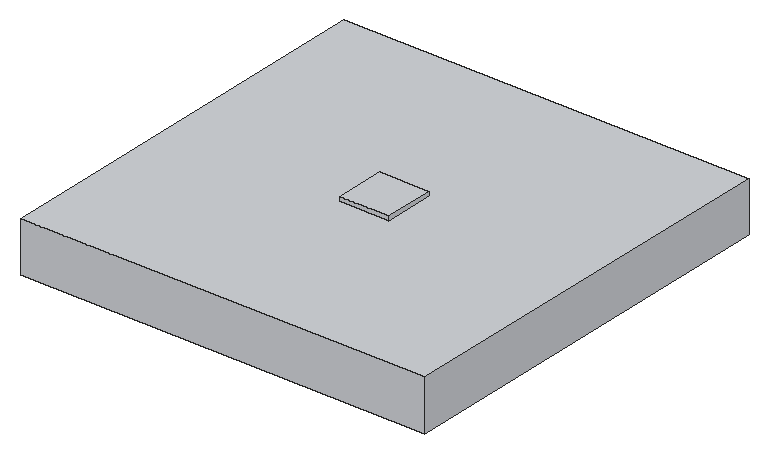
Revit family "M_Conector de duto retangular - Ar de fornecimento - Equipamento mecânico", category Equipamento mecânico, Revit 2019
Family settings
  Hospedeiro = Face
  Cota do conector redondo = Utilizar diâmetro
  Tipo de parte = Normal
  Número OmniClass = 23.75.70.21.27
  Título OmniClass = Air Outlets and Inlets
  ID de item do Seek = Rectangular Duct Connector - Supply Air - Mechanical Equipment-0000-CAN-ENU
  Corte com vazios quando carregada = Não
  Compartilhado = Não
  Ponto de cálculo do ambiente = Não
Parameters (values of type "Padrão")
  Largura [instance] = 300 mm
  Espessura [instance] = 25 mm
  Altura [instance] = 300 mm
  Fluxo [instance] = 47.19 L/s
  Default Elevation = 0 mm
  Assembly Code = ""
Reference planes
  plane 1 "Centro (Frente/Trás)": y = 0
  plane 2: z = 0
  plane 3 "Centro (Esquerda/Direita)": x = 0
Forms (mm)
  Extrusion 1, solid
    sketch origin (0, 0, 0) x (1, 0, 0) y (0, 1, 0)
      loop
        line (-1219.2, 1219.2) -> (-1219.2, -1219.2) -> (1219.2, -1219.2) -> (1219.2, 1219.2) -> (-1219.2, 1219.2)
    from 0 to -304.8
  Sweep 2, solid
    path in 3D
      loop
        line (0, 0, 0) -> (0, 0, 25)
    profile "M_Duto - Retangular : Duto - Retangular" origin (0, 0, 12.5) x (0, -1, 0) y (1, 0, 0)
      loop
        line (-150, 150) -> (-150, -150) -> (150, -150) -> (150, 150) -> (-150, 150)
Lines and regions (mm)
  reference lines
    curve 1: line (0, 0, 0) -> (0, 0, 25)
  sketch lines
    curve 2: line (0, 0, 0) -> (0, 0, 25)
Dimensions and locks
  "Espessura": curve 1 to curve 1
  aligned and locked: plane 2 to Extrusion 1
  aligned and locked: level to Extrusion 1
  aligned and locked: Extrusion 1 to curve 1
  aligned and locked: curve 1 to plane 1 "Centro (Frente/Trás)"
Automatic sketch dimensions
  Extrusion 1 sketch curve to Extrusion 1 sketch curve = 2438.4 mm  (x2)
Connectors
  hvac at (0, 0, 25), driven by "Altura", driven by "Largura", driven by "Fluxo"
    settings: on Sweep 2, index 1, duct flow 47.19 L/s, flow factor 0, pres drop 0.0 Pa, loss coef 0, conn angle 0.00°, conn width 300 mm, conn height 300 mm, conn diameter 609.6 mm, duct sys type 1, conn prof type 1, flow config 1, flow direction 1, loss method 0, conn ref index -1, conn util no, is conn primary yes, conn desc ""
